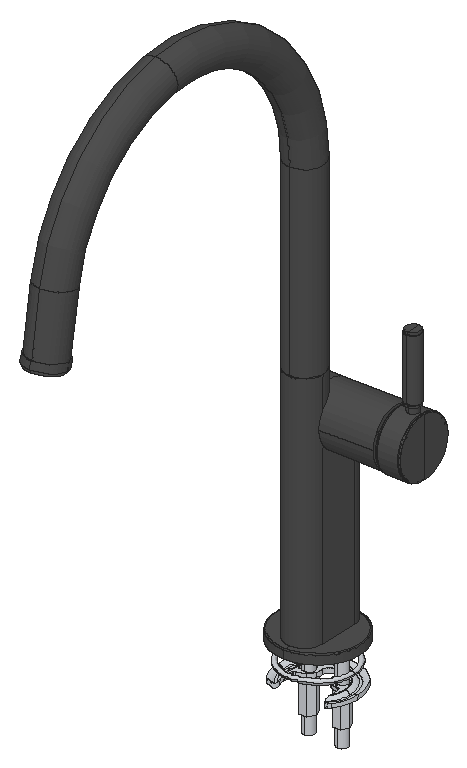
Revit family "Reece_Tap_Milli_Etch_Sink Mixer_Gooseneck", category Plumbing Fixtures, host Face, Revit 2018
Family settings
  Host = Face
  Round Connector Dimension = Use Diameter
  Part Type = Normal
  Cut with Voids When Loaded = No
  Shared = Yes
  Room Calculation Point = Yes
Parameters (values of type "200 mm_Matte Black")
  WFU = 0  # constant formula
  URL = "https://www.reece.com.au/product/-21883"
  Type Comments = "Tap"
  Reece_Tap_Reach = 208 mm  # constant formula
  Reece_Tap_Inlet = 12 mm  # constant formula
  Reece_Tap_Clearance = 252 mm  # constant formula
  Reece_Product_Web Page = "https://www.reece.com.au/product/-21883"
  Reece_Product_Type = "Tap"
  Reece_Product_Sub Brand = "Etch"
  Reece_Product_Number = "21883"
  Reece_Product_Mount = "Hob Mounted"
  Reece_Product_Description = "Milli Etch Gooseneck Sink Mixer Matte Black (5 Star) Lead Free"
  Reece_Product_Brand = "Milli"
  Reece_Overall_Length = 258 mm  # constant formula
  Reece_Overall_Height = 393 mm  # constant formula
  Reece_Material_Secondary = Reece_Brass_Matte Black_Knurl Pattern
  Reece_Material_Main = Reece_Brass_Matte Black
  Reece_Detail_Installation = ""
  Reece_Detail_Disclaimer = "THIS FILE IS THE PROPERTY OF THE REECE GROUP. IT MAY NOT BE REPRODUCED, REVERSE-ENGINEERED, OR MODIFIED. ANY REPUBLICATION, TRANSMISSION, OR DISTRIBUTION FOR THE PURPOSE OF COMMERCIALLY EXPLOITING THE FILES IS PROHIBITED."  # constant formula
  Reece_Detail_Connector = ""
  Reece_Detail_Additional = "Sink Mixer"
  Model = "Etch"
  Manufacturer = "Milli"
  Keynote = "Product #21883, Reece_Tap_Milli_Etch_Sink Mixer_Gooseneck - 200 mm_Matte Black"
  HWFU = 0  # constant formula
  Disclaimer = "THIS FILE IS THE PROPERTY OF THE REECE GROUP. IT MAY NOT BE REPRODUCED, REVERSE-ENGINEERED, OR MODIFIED. ANY REPUBLICATION, TRANSMISSION, OR DISTRIBUTION FOR THE PURPOSE OF COMMERCIALLY EXPLOITING THE FILES IS PROHIBITED."  # constant formula
  Description = "Milli Etch Gooseneck Sink Mixer Matte Black (5 Star) Lead Free"
  Default Elevation = 1000 mm
  CWFU = 0  # constant formula
Types (6, lengths in mm): name | URL | Reece_Product_Web Page | Reece_Product_Number | Reece_Product_Description | Reece_Material_Secondary | Reece_Material_Main | Keynote | Description
  200 mm_Chrome | "https://www.reece.com.au/product/-21882" | "https://www.reece.com.au/product/-21882" | "21882" | "Milli Etch Gooseneck Sink Mixer Chrome ( 5 Star) Lead Free" | Reece_Brass_Chrome_Knurl Pattern | Reece_Brass_Chrome | "Product #21882, Reece_Tap_Milli_Etch_Sink Mixer_Gooseneck - 200 mm_Chrome" | "Milli Etch Gooseneck Sink Mixer Chrome ( 5 Star) Lead Free"
  200 mm_Brushed Bronze | "https://www.reece.com.au/product/-21887" | "https://www.reece.com.au/product/-21887" | "21887" | "Milli Etch Gooseneck Sink Mixer Brushed Bronze (5 Star) Lead Free" | Reece_PVD_Brushed Bronze_Knurl Pattern | Reece_PVD_Brushed Bronze | "Product #21887, Reece_Tap_Milli_Etch_Sink Mixer_Gooseneck - 200 mm_Brushed Bronze" | "Milli Etch Gooseneck Sink Mixer Brushed Bronze (5 Star) Lead Free"
  200 mm_Matte Black | "https://www.reece.com.au/product/-21883" | "https://www.reece.com.au/product/-21883" | "21883" | "Milli Etch Gooseneck Sink Mixer Matte Black (5 Star) Lead Free" | Reece_Brass_Matte Black_Knurl Pattern | Reece_Brass_Matte Black | "Product #21883, Reece_Tap_Milli_Etch_Sink Mixer_Gooseneck - 200 mm_Matte Black" | "Milli Etch Gooseneck Sink Mixer Matte Black (5 Star) Lead Free"
  200 mm_Brushed Gold | "https://www.reece.com.au/product/-21885" | "https://www.reece.com.au/product/-21885" | "21885" | "Milli Etch Gooseneck Sink Mixer Brushed Gold (5 Star) Lead Free" | Reece_PVD_Brushed Gold_Knurl Pattern | Reece_PVD_Brushed Gold | "Product #21885, Reece_Tap_Milli_Etch_Sink Mixer_Gooseneck - 200 mm_Brushed Gold" | "Milli Etch Gooseneck Sink Mixer Brushed Gold (5 Star) Lead Free"
  200 mm_Brushed Gunmetal | "https://www.reece.com.au/product/-21886" | "https://www.reece.com.au/product/-21886" | "21886" | "Milli Etch Gooseneck Sink Mixer Brushed Gunmetal (5 Star) Lead Free" | Reece_Brass_Brushed Gunmetal_Knurl Pattern | Reece_Brass_Brushed Gunmetal | "Product #21886, Reece_Tap_Milli_Etch_Sink Mixer_Gooseneck - 200 mm_Brushed Gunmetal" | "Milli Etch Gooseneck Sink Mixer Brushed Gunmetal (5 Star) Lead Free"
  200 mm_Brushed Nickel | "https://www.reece.com.au/product/-21884" | "https://www.reece.com.au/product/-21884" | "21884" | "Milli Etch Gooseneck Sink Mixer Brushed Nickel (5 Star) Lead Free" | Reece_Brass_Brushed Nickel_Knurl Pattern | Reece_Brass_Brushed Nickel | "Product #21884, Reece_Tap_Milli_Etch_Sink Mixer_Gooseneck - 200 mm_Brushed Nickel" | "Milli Etch Gooseneck Sink Mixer Brushed Nickel (5 Star) Lead Free"
Reference planes
  plane 1 "Center (Front/Back)": y = 0
  plane 2 "Bottom": z = 0
  plane 3 "Center (Left/Right)": x = 0
  plane 4: y = -27
  plane 5: z = 160.5
  plane 6: z = 130.5
  plane 7: z = 149
  plane 8: y = -10.749
  plane 9: x = 64.6
  plane 10 "midx": y = 4.25
  plane 11: z = 196.5
  plane 12: y = 27
  plane 13: z = 393
  plane 14: z = 252
  plane 15: y = -218.749
  plane 16: y = -231
Forms (mm)
  Extrusion 1, solid
    sketch origin (0, 0, 0) x (0, 1, 0) y (1, 0, 0)
      loop
        circle (6, 10.743) r 3.5
      loop
        circle (6, -10.743) r 3.5
    from 60 to 0
  Revolve 2, solid
    sketch origin (0, 0, -7.5) x (1, 0, 0) y (0, 0, 1)
      loop
        arc (-17.127, -16) -> (-19.041, -16.417) -> (-20.607, -17.592) r 4.6
        arc (-20.607, -17.592) -> (-21.5, -18) -> (-22.393, -17.592) r 1.18
        arc (-22.393, -17.592) -> (-23.926, -16.432) -> (-25.8, -16.001) r 4.6
        line (-25.8, -16.001) -> (-25.8, -18.5) -> (-24.2, -18.5)
        arc (-24.2, -18.5) -> (-21.5, -20) -> (-18.8, -18.5) r 3.18
        line (-18.8, -18.5) -> (-17.2, -18.5) -> (-17.2, -16.001)
      axis (0, -16) -> (0, -18.5)
    angle from 0 to 360
  Extrusion 3, void
    sketch origin (0, 0, -26) x (1, 0, 0) y (0, 1, 0)
      loop
        line (-15, -8.4) -> (-15, -11.9)
        arc (-15, -11.9) -> (-17.056, -15.277) -> (-21, -15) r 3.801
        line (-21, -15) -> (-27.6, -15) -> (-27.6, -34.6) -> (0, -34.6) -> (27.6, -34.6) -> (27.6, -15) -> (21, -15)
        arc (21, -15) -> (17.056, -15.277) -> (15, -11.9) r 3.801
        line (15, -11.9) -> (15, -8.4) -> (-15, -8.4)
    from 8.9 to -9.664
  Extrusion 4, solid
    sketch origin (0, 0, 0) x (1, 0, 0) y (0, 1, 0)
      loop
        circle (-10.743, 6) r 3.5
      loop
        line (-5.543, 6) -> (-8.143, 10.503) -> (-13.343, 10.503) -> (-15.943, 6) -> (-13.343, 1.497) -> (-8.143, 1.497) -> (-5.543, 6)
      loop
        circle (10.743, 6) r 3.5
      loop
        line (15.943, 6) -> (13.343, 10.503) -> (8.143, 10.503) -> (5.543, 6) -> (8.143, 1.497) -> (13.343, 1.497) -> (15.943, 6)
    from -48.5 to -26
  Extrusion 5, solid
    sketch origin (0.009, 0, 0) x (1, 0, 0) y (0, 1, 0)
      loop
        arc (-17.2, 0) -> (-16.643, -4.34) -> (-15.009, -8.4) r 17.2
        line (-15.009, -8.4) -> (-15.009, -2.598)
        arc (-15.009, -2.598) -> (-14.617, -1.409) -> (-13.595, -0.686) r 2
        line (-13.595, -0.686) -> (-6.814, 3.229)
        arc (-6.814, 3.229) -> (-4.792, 5.425) -> (-4.382, 8.382) r 5
        arc (-4.382, 8.382) -> (0, 13.556) -> (4.382, 8.382) r 4.443
        arc (4.382, 8.382) -> (4.792, 5.425) -> (6.814, 3.229) r 5
        line (6.814, 3.229) -> (13.595, -0.686)
        arc (13.595, -0.686) -> (14.617, -1.409) -> (15.009, -2.598) r 2
        line (15.009, -2.598) -> (15.009, -8.4)
        arc (15.009, -8.4) -> (16.643, -4.34) -> (17.2, 0) r 17.2
        arc (17.2, 0) -> (0, 17.2) -> (-17.2, 0) r 17.2
      loop
        line (-12.14, 9.204) -> (-13.722, 8.291)
        arc (-13.722, 8.291) -> (-15.003, 3.51) -> (-10.222, 2.229) r 3.5
        line (-10.222, 2.229) -> (-8.64, 3.142)
        arc (-8.64, 3.142) -> (-7.359, 7.923) -> (-12.14, 9.204) r 3.5
      loop
        arc (12.14, 9.204) -> (7.359, 7.923) -> (8.64, 3.142) r 3.5
        line (8.64, 3.142) -> (10.222, 2.229)
        arc (10.222, 2.229) -> (15.003, 3.51) -> (13.722, 8.291) r 3.5
        line (13.722, 8.291) -> (12.14, 9.204)
    from -23.5 to -26
  Revolve 6, solid
    sketch origin (0, 0, 0) x (1, 0, 0) y (0, 0, 1)
      loop
        circle (-22, -12.598) r 1.3
      axis (0, -12.598) -> (0, -13.598)
    angle from 0 to 360
  Extrusion 7, void
    sketch origin (0, 0, 0) x (1, 0, 0) y (0, 1, 0)
      loop
        circle (-10.743, 6) r 3.5
      loop
        circle (10.743, 6) r 3.5
      loop
        circle (7.191, -5.721) r 6.7
      loop
        circle (-7.191, -5.721) r 6.7
    from 4.469 to 0
  Extrusion 8, solid
    sketch origin (0, 0, -26) x (0, 1, 0) y (1, 0, 0)
      loop
        arc (-8.417, -15) -> (17.2, 0) -> (-8.417, 15) r 17.2
        line (-8.417, 15) -> (-2.83, 15)
        arc (-2.83, 15) -> (-1.68, 14.638) -> (-0.946, 13.681) r 2.004
        line (-0.946, 13.681) -> (1.021, 8.277)
        arc (1.021, 8.277) -> (2.606, 6.074) -> (5.11, 5.025) r 5
        line (5.11, 5.025) -> (9.672, 4.465)
        arc (9.672, 4.465) -> (13.622, 0) -> (9.672, -4.465) r 4.498
        line (9.672, -4.465) -> (5.11, -5.025)
        arc (5.11, -5.025) -> (2.606, -6.074) -> (1.021, -8.277) r 5
        line (1.021, -8.277) -> (-1.001, -13.832)
        arc (-1.001, -13.832) -> (-1.44, -14.535) -> (-2.127, -15) r 2
        line (-2.127, -15) -> (-8.417, -15)
      loop
        line (2.677, -9.644) -> (2.335, -10.584)
        arc (2.335, -10.584) -> (4.512, -14.989) -> (8.948, -12.876) r 3.5
        line (8.948, -12.876) -> (9.523, -11.293)
        arc (9.523, -11.293) -> (7.565, -6.747) -> (3.019, -8.704) r 3.5
        line (3.019, -8.704) -> (2.677, -9.644)
      loop
        line (2.677, 9.644) -> (3.019, 8.704)
        arc (3.019, 8.704) -> (7.565, 6.747) -> (9.523, 11.293) r 3.5
        line (9.523, 11.293) -> (8.948, 12.876)
        arc (8.948, 12.876) -> (4.512, 14.989) -> (2.335, 10.584) r 3.5
        line (2.335, 10.584) -> (2.677, 9.644)
    from 0 to -2.5
  Extrusion 9, void
    sketch origin (0, 0, 0) x (1, 0, 0) y (0, 1, 0)
      loop
        circle (0, 0) r 23.583
    from 0 to -80
  Revolve 10, solid, material "Reece_Brass_Matte Black" <- "Reece_Material_Main"
    sketch origin (0, 0, 0) x (0, 1, 0) y (0, 0, 1)
      loop
        line (0, 0) -> (27, 0) -> (27, 5.5)
        arc (27, 5.5) -> (26.854, 5.854) -> (26.5, 6) r 0.5
        line (26.5, 6) -> (0, 6) -> (0, 0)
      axis (0, 6) -> (0, 0)
    angle from 0 to 360
  Extrusion 11, solid, material "Reece_Brass_Matte Black" <- "Reece_Material_Main"
    sketch origin (0, 0, 0) x (1, 0, 0) y (0, 1, 0)
      loop
        circle (0, -10.75) r 12
    from 6 to 160.5
  Sweep 12, solid, material "Reece_Brass_Matte Black" <- "Reece_Material_Main"
    path origin (0, 0, 0) x (0, 1, 0) y (0, 0, 1)
      loop
        line (22.75, 6) -> (22.75, 130.5)
        arc (22.75, 130.5) -> (17.331, 143.581) -> (4.25, 149) r 18.5
        line (4.25, 149) -> (-10.749, 149)
    profile origin (0, 22.75, 68.25) x (0, -1, 0) y (1, 0, 0)
      loop
        line (8, -12) -> (8, 12)
        arc (8, 12) -> (2.343, 9.657) -> (0, 4) r 8
        line (0, 4) -> (0, -4)
        arc (0, -4) -> (2.343, -9.657) -> (8, -12) r 8
  Extrusion 13, solid, material "Reece_Brass_Matte Black" <- "Reece_Material_Main"
    sketch origin (0, 0, 0) x (0, 1, 0) y (0, 0, 1)
      loop
        circle (4.25, 130.5) r 18.5
    from 0 to 47
  Extrusion 14, solid, material "Reece_Brass_Matte Black" <- "Reece_Material_Main"
    sketch origin (0, 0, 0) x (0, 1, 0) y (0, 0, 1)
      loop
        arc (14.75, 130.5) -> (11.675, 137.925) -> (4.25, 141) r 10.5
        line (4.25, 141) -> (-10.749, 141) -> (-10.749, 6) -> (14.75, 6) -> (14.75, 130.5)
    from 12 to -12
  Revolve 15, solid, material "Reece_Brass_Matte Black" <- "Reece_Material_Main"
    sketch origin (0, 4.25, 0) x (-1, 0, 0) y (0, 0, 1)
      loop
        line (-48.279, 146.743) -> (-48.9, 145.667) -> (-48.9, 149.25) -> (-49.5, 149.75) -> (-49.5, 146.75) -> (-63.2, 146.75) -> (-63.2, 149.75) -> (-63.8, 149.25) -> (-64.6, 149.25) -> (-64.6, 130.5) -> (-47, 130.5) -> (-47, 146.743) -> (-48.279, 146.743)
      axis (-47, 130.5) -> (-64.6, 130.5)
    angle from 0 to 360
  Revolve 16, solid, material "Reece_Brass_Matte Black_Knurl Pattern" <- "Reece_Material_Secondary"
    sketch origin (0, 4.25, 0) x (-1, 0, 0) y (0, 0, 1)
      loop
        line (-63.2, 130.5) -> (-49.5, 130.5) -> (-49.5, 149.75) -> (-63.2, 149.75) -> (-63.2, 130.5)
      axis (-49.5, 130.5) -> (-63.2, 130.5)
    angle from 0 to 360
  Sweep 17, solid, material "Reece_Brass_Matte Black" <- "Reece_Material_Main"
    path origin (0, 0, 0) x (0, 1, 0) y (0, 0, 1)
      loop
        line (-10.75, 160.5) -> (-10.75, 281)
        arc (-10.75, 281) -> (-46.346, 357.499) -> (-127.791, 379.537) r 100
        arc (-127.791, 379.537) -> (-182.416, 351.272) -> (-210.86, 296.741) r 102
        line (-210.86, 296.741) -> (-218.749, 252)
    profile origin (0, -10.75, 220.75) x (0, -1, 0) y (1, 0, 0)
      loop
        circle (0, 0) r 12
  Revolve 18, void
    sketch origin (0, 0, 0) x (0, 1, 0) y (0, 0, 1)
      loop
        line (-22.503, 160.5) -> (-22.503, 161.3) -> (-23.503, 161.3) -> (-23.503, 160.5) -> (-22.503, 160.5)
      axis (-10.749, 161.3) -> (-10.749, 160.3)
    angle from 0 to 360
  Revolve 19, solid, material "Reece_Brass_Matte Black_Knurl Pattern" <- "Reece_Material_Secondary"
    sketch origin (0, -70.125, 223.089) x (0, 0.939693, 0.34202) y (0, -0.34202, 0.939693)
      loop
        line (-139.946, 85.871) -> (-128.97, 79.352) -> (-126.417, 83.65) -> (-137.393, 90.169) -> (-139.946, 85.871)
      axis (-128.97, 79.352) -> (-126.417, 83.65)
    angle from 0 to 360
  Revolve 20, solid, material "Reece_Brass_Matte Black" <- "Reece_Material_Main"
    sketch origin (0, -91.738, 215.222) x (0, 0.939693, 0.34202) y (0, -0.34202, 0.939693)
      loop
        line (-99.434, 73.763) -> (-98.708, 75.019) -> (-106.047, 79.257) -> (-107.446, 76.834)
        arc (-107.446, 76.834) -> (-104.275, 75.395) -> (-100.884, 74.6) r 17.839
        line (-100.884, 74.6) -> (-99.434, 73.763)
      axis (-106.047, 79.257) -> (-107.446, 76.834)
    angle from 0 to 360
  Extrusion 21, void
    sketch origin (0, -91.738, 215.222) x (0, 0.939693, 0.34202) y (0, -0.34202, 0.939693)
      loop
        line (-105.907, 77.5) -> (-107.639, 78.5) -> (-109.528, 75.227) -> (-107.796, 74.227) -> (-105.907, 77.5)
    from 20 to -20.015
  Revolve 22, solid, material "Reece_Brass_Matte Black" <- "Reece_Material_Main"
    sketch origin (57.6, -148.75, 129.527) x (0, 0, -1) y (0, 1, 0)
      loop
        line (-0.973, 153) -> (-25.673, 153) -> (-25.673, 148) -> (-25.073, 148.5) -> (-23.873, 148.5) -> (-23.873, 149.476) -> (-0.973, 149.476) -> (-0.973, 153)
      loop
        line (-65.173, 153) -> (-66.973, 153) -> (-66.973, 148.5) -> (-65.773, 148.5) -> (-65.173, 148) -> (-65.173, 153)
      axis (-0.973, 153) -> (-66.973, 153)
    angle from 0 to 360
  Revolve 23, solid, material "Reece_Brass_Matte Black_Knurl Pattern" <- "Reece_Material_Secondary"
    sketch origin (57.6, -148.75, 129.527) x (0, 0, -1) y (0, 1, 0)
      loop
        line (-65.173, 153) -> (-25.673, 153) -> (-25.673, 158.027) -> (-65.173, 158.027) -> (-65.173, 153)
      axis (-25.673, 153) -> (-65.173, 153)
    angle from 0 to 360
Cuts and joins
  Extrusion 3 cuts Revolve 2
  Extrusion 7 cuts Extrusion 1
  Extrusion 7 cuts Revolve 10
  Revolve 18, Extrusion 21 cuts Sweep 17
  Extrusion 21 cuts Revolve 20
  joined: Revolve 10, Extrusion 11, Sweep 12, Extrusion 13, Extrusion 14, Revolve 15, Sweep 17, Revolve 20, Revolve 22
  joined: Revolve 16, Revolve 23
Text (mm)
  text "Reece ©" at (-376.789, -229.394, 0), in view "Ref. Level"
  text "Reece ©" at (-60.132, 252.158, 290.069), in view "Reece Preview"
Dimensions and locks
  "Reece_Overall_Height": plane 13 to level
  "Reece_Tap_Clearance": plane 14 to level
  "Reece_Tap_Reach": plane 8 to plane 15
  "Reece_Overall_Length": plane 12 to plane 16
  aligned and locked: plane 2 "Bottom" to host face
  aligned and locked: level to host face
Automatic sketch dimensions
  host sketch curve to host sketch curve = 380.785 mm
  host sketch curve to host sketch curve = 317.421 mm
  plane 10 "midx" to Extrusion 1 sketch curve = 1.75 mm  (x2)
  plane 3 "Center (Left/Right)" to Extrusion 1 sketch curve = 10.743 mm
  Extrusion 1 sketch curve to plane 3 "Center (Left/Right)" = 10.743 mm
  Revolve 2 sketch curve to Revolve 2 sketch curve = 0 mm  (x4)
  Revolve 2 sketch curve to plane 3 "Center (Left/Right)" = 0 mm
  Revolve 2 sketch curve to plane 3 "Center (Left/Right)" = 17.127 mm
  Revolve 2 sketch curve to Revolve 2 sketch curve = 0.073 mm  (x2)
  Revolve 2 sketch curve to Revolve 2 sketch curve = 1.6 mm  (x2)
  Revolve 2 sketch curve to Revolve 2 sketch curve = 2.7 mm  (x2)
  Revolve 2 sketch curve to level = 28.1 mm
  Revolve 2 sketch curve to Revolve 2 sketch curve = 2.1 mm
  Revolve 2 sketch curve to Revolve 2 sketch curve = 1.68 mm
  Revolve 2 sketch curve to Revolve 2 sketch curve = 2.499 mm
  Revolve 2 sketch curve to Revolve 2 sketch curve = 0.893 mm
  Revolve 2 sketch curve to Revolve 2 sketch curve = 0.4 mm
  Revolve 2 sketch curve to Revolve 2 sketch curve = 5 mm
  Extrusion 3 sketch curve to Revolve 2 = 34.6 mm
  Extrusion 3 sketch curve to Extrusion 3 sketch curve = 6.6 mm  (x4)
  Extrusion 3 sketch curve to Extrusion 3 sketch curve = 2.199 mm  (x2)
  Extrusion 3 sketch curve to Extrusion 3 sketch curve = 3.801 mm  (x2)
  Extrusion 3 sketch curve to Extrusion 3 sketch curve = 15 mm
  Extrusion 3 sketch curve to Revolve 2 = 8.4 mm
  Extrusion 3 sketch curve to Extrusion 3 sketch curve = 30 mm
  Extrusion 4 sketch curve to Extrusion 4 sketch curve = 0 mm  (x4)
  plane 10 "midx" to Extrusion 4 sketch curve = 1.75 mm  (x6)
  Extrusion 4 sketch curve to plane 3 "Center (Left/Right)" = 15.943 mm
  Extrusion 4 sketch curve to Extrusion 4 sketch curve = 2.6 mm  (x12)
  Extrusion 4 sketch curve to plane 1 "Center (Front/Back)" = 1.497 mm  (x2)
  plane 3 "Center (Left/Right)" to Extrusion 4 sketch curve = 5.543 mm
  plane 10 "midx" to Extrusion 4 sketch curve = 6.253 mm
  Extrusion 4 sketch curve to Extrusion 4 sketch curve = 4.503 mm
  Extrusion 4 sketch curve to plane 10 "midx" = 1.75 mm  (x2)
  Extrusion 5 sketch curve to Extrusion 5 sketch curve = 0 mm  (x7)
  plane 1 "Center (Front/Back)" to Extrusion 5 sketch curve = 0 mm
  plane 1 "Center (Front/Back)" to Extrusion 5 sketch curve = 2.598 mm  (x2)
  Extrusion 5 sketch curve to plane 3 "Center (Left/Right)" = 15 mm
  plane 10 "midx" to Extrusion 5 sketch curve = 4.041 mm  (x2)
  Extrusion 5 sketch curve to Extrusion 5 sketch curve = 1.288 mm
  plane 1 "Center (Front/Back)" to Extrusion 5 sketch curve = 0.686 mm  (x2)
  Extrusion 5 sketch curve to Extrusion 5 sketch curve = 1.414 mm
  plane 10 "midx" to Extrusion 5 sketch curve = 4.954 mm  (x2)
  Extrusion 5 sketch curve to Extrusion 5 sketch curve = 1.582 mm  (x6)
  plane 10 "midx" to Extrusion 5 sketch curve = 1.01 mm
  Extrusion 5 sketch curve to Extrusion 5 sketch curve = 1.75 mm
  Extrusion 5 sketch curve to plane 10 "midx" = 2.021 mm  (x2)
  Extrusion 5 sketch curve to Extrusion 5 sketch curve = 1.076 mm  (x2)
  Extrusion 5 sketch curve to plane 10 "midx" = 1.108 mm  (x2)
  Extrusion 5 sketch curve to plane 10 "midx" = 1.021 mm  (x2)
  Extrusion 5 sketch curve to Extrusion 5 sketch curve = 1.826 mm  (x2)
  plane 3 "Center (Left/Right)" to Extrusion 5 sketch curve = 0.009 mm  (x2)
  plane 3 "Center (Left/Right)" to Extrusion 5 sketch curve = 6.823 mm
  Extrusion 5 sketch curve to Extrusion 5 sketch curve = 0.674 mm
  Extrusion 5 sketch curve to Extrusion 5 sketch curve = 2.826 mm
  Extrusion 5 sketch curve to Extrusion 5 sketch curve = 2.788 mm
  Extrusion 5 sketch curve to Extrusion 5 sketch curve = 0.586 mm
  Extrusion 5 sketch curve to plane 8 = 2.349 mm
  Extrusion 5 sketch curve to Extrusion 5 sketch curve = 1.386 mm  (x2)
  plane 10 "midx" to Extrusion 5 sketch curve = 4.864 mm
  plane 3 "Center (Left/Right)" to Revolve 6 sketch curve = 0 mm
  Revolve 6 sketch curve to plane 3 "Center (Left/Right)" = 22 mm
  Revolve 6 sketch curve to level = 12.598 mm
  Revolve 6 sketch curve to Revolve 6 sketch curve = 440.332 mm
  plane 13 to Revolve 6 sketch curve = 2052.244 mm
  Extrusion 7 sketch curve to Extrusion 7 sketch curve = 0 mm  (x4)
  plane 10 "midx" to Extrusion 7 sketch curve = 1.75 mm  (x2)
  Extrusion 7 sketch curve to plane 3 "Center (Left/Right)" = 10.743 mm
  Extrusion 7 sketch curve to plane 3 "Center (Left/Right)" = 7.191 mm
  plane 3 "Center (Left/Right)" to Extrusion 7 sketch curve = 7.191 mm
  plane 3 "Center (Left/Right)" to Extrusion 7 sketch curve = 10.743 mm
  Extrusion 7 sketch curve to plane 8 = 5.027 mm  (x2)
  Extrusion 7 sketch curve to plane 10 "midx" = 1.75 mm  (x2)
  Extrusion 8 sketch curve to Revolve 2 = 0.946 mm
  Extrusion 8 sketch curve to Revolve 2 = 1.001 mm
  Extrusion 8 sketch curve to Extrusion 8 sketch curve = 1.125 mm
  Extrusion 8 sketch curve to Extrusion 8 sketch curve = 1.884 mm
  Extrusion 8 sketch curve to Extrusion 8 sketch curve = 0.754 mm
  Extrusion 8 sketch curve to Extrusion 8 sketch curve = 5.587 mm
  Extrusion 8 sketch curve to Extrusion 8 sketch curve = 5.536 mm
  Revolve 2 to Extrusion 8 sketch curve = 1.021 mm  (x2)
  Revolve 2 to Extrusion 8 sketch curve = 2.335 mm  (x2)
  Extrusion 8 sketch curve to Extrusion 8 sketch curve = 0.342 mm  (x4)
  Extrusion 8 sketch curve to Extrusion 8 sketch curve = 2.091 mm  (x2)
  Extrusion 8 sketch curve to Extrusion 8 sketch curve = 3.323 mm  (x2)
  Extrusion 8 sketch curve to Extrusion 8 sketch curve = 0.061 mm  (x2)
  Extrusion 8 sketch curve to Extrusion 8 sketch curve = 0.552 mm  (x2)
  Extrusion 8 sketch curve to Extrusion 8 sketch curve = 3.29 mm  (x2)
  Extrusion 8 sketch curve to Extrusion 8 sketch curve = 4.014 mm
  Extrusion 8 sketch curve to Extrusion 8 sketch curve = 0.575 mm  (x2)
  Extrusion 8 sketch curve to Extrusion 8 sketch curve = 0.548 mm  (x2)
  Extrusion 8 sketch curve to Extrusion 8 sketch curve = 1.319 mm
  Extrusion 8 sketch curve to Extrusion 8 sketch curve = 0.805 mm
  Extrusion 8 sketch curve to Extrusion 8 sketch curve = 1.194 mm
  Extrusion 8 sketch curve to Extrusion 8 sketch curve = 1.583 mm
  Extrusion 8 sketch curve to Extrusion 8 sketch curve = 1.683 mm
  Extrusion 8 sketch curve to Extrusion 8 sketch curve = 0.011 mm  (x2)
  Extrusion 8 sketch curve to Extrusion 8 sketch curve = 0.94 mm  (x3)
  Extrusion 8 sketch curve to Extrusion 8 sketch curve = 0.427 mm  (x2)
  Extrusion 8 sketch curve to Extrusion 8 sketch curve = 0.56 mm  (x2)
  Extrusion 8 sketch curve to Extrusion 8 sketch curve = 4.465 mm
  Extrusion 8 sketch curve to Extrusion 8 sketch curve = 3.253 mm
  Extrusion 8 sketch curve to Extrusion 8 sketch curve = 1.695 mm
  Extrusion 8 sketch curve to Extrusion 8 sketch curve = 1.852 mm
  plane 1 "Center (Front/Back)" to Extrusion 9 sketch curve = 0 mm
  Extrusion 9 sketch curve to plane 3 "Center (Left/Right)" = 0 mm
  level to Revolve 10 sketch curve = 0 mm
  Revolve 10 sketch curve to plane 1 "Center (Front/Back)" = 0 mm  (x2)
  Revolve 10 sketch curve to plane 12 = 0 mm
  Revolve 10 sketch curve to Revolve 10 sketch curve = 0.5 mm
  Revolve 10 sketch curve to Revolve 10 sketch curve = 5.5 mm
  Revolve 10 sketch curve to level = 43.855 mm
  Revolve 10 sketch curve to Revolve 10 sketch curve = 23.239 mm
  Extrusion 11 sketch curve to plane 3 "Center (Left/Right)" = 0 mm
  plane 8 to Extrusion 11 sketch curve = 0.001 mm
  Sweep 12 sketch curve to plane 7 = 0 mm
  Sweep 12 sketch curve to plane 8 = 0 mm
  Sweep 12 sketch curve to plane 6 = 0 mm
  Sweep 12 sketch curve to plane 10 "midx" = 0 mm
  level to Sweep 12 sketch curve = 6 mm
  Sweep 12 sketch curve to profile plane = 0 mm
  Sweep 12 sketch curve to profile plane = 8 mm
  Sweep 12 sketch curve to plane 3 "Center (Left/Right)" = 12 mm
  plane 3 "Center (Left/Right)" to Sweep 12 sketch curve = 4 mm
  Extrusion 13 sketch curve to plane 6 = 0 mm
  Extrusion 13 sketch curve to plane 10 "midx" = 0 mm
  Extrusion 14 sketch curve to plane 8 = 0 mm
  Extrusion 14 sketch curve to plane 10 "midx" = 0 mm
  Extrusion 14 sketch curve to plane 6 = 0 mm
  plane 10 "midx" to Extrusion 14 sketch curve = 10.5 mm
  level to Extrusion 14 sketch curve = 6 mm
  Revolve 16 sketch curve to plane 6 = 0 mm  (x2)
  Revolve 16 sketch curve to plane 9 = 1.4 mm
  Revolve 16 sketch curve to Revolve 16 sketch curve = 13.7 mm
  plane 7 to Revolve 16 sketch curve = 0.75 mm
  plane 9 to Revolve 16 sketch curve = 8.771 mm
  Revolve 16 sketch curve to Revolve 16 sketch curve = 8.017 mm
  Sweep 17 sketch curve to plane 14 = 0 mm
  Sweep 17 sketch curve to plane 15 = 0 mm
  Sweep 17 sketch curve to plane 5 = 0 mm
  Sweep 17 sketch curve to plane 15 = 7.889 mm
  plane 14 to Sweep 17 sketch curve = 29 mm
  Sweep 17 sketch curve to plane 4 = 83.75 mm
  Sweep 17 sketch curve to Sweep 17 sketch curve = 0.341 mm
  plane 8 to Sweep 17 sketch curve = 0.001 mm
  Sweep 17 sketch curve to Sweep 17 sketch curve = 1.971 mm
  plane 14 to Sweep 17 sketch curve = 44.741 mm
  Sweep 17 sketch curve to plane 3 "Center (Left/Right)" = 0 mm
  Sweep 17 sketch curve to profile plane = 0 mm
  Revolve 18 sketch curve to plane 5 = 0 mm
  Revolve 18 sketch curve to plane 8 = 0 mm
  plane 5 to Revolve 18 sketch curve = 0.8 mm
  plane 4 to Revolve 18 sketch curve = 4.497 mm
  Revolve 18 sketch curve to Revolve 18 sketch curve = 1 mm
  plane 5 to Revolve 18 sketch curve = 15.309 mm
  Revolve 18 sketch curve to plane 11 = 0.691 mm
  Revolve 20 sketch curve to plane 14 = 0 mm
  Revolve 20 sketch curve to plane 15 = 0 mm
  Revolve 20 sketch curve to Revolve 20 sketch curve = 0.673 mm
  Revolve 20 sketch curve to Revolve 20 sketch curve = 0.726 mm  (x2)
  Revolve 20 sketch curve to Revolve 20 sketch curve = 5.889 mm
  Revolve 20 sketch curve to Revolve 20 sketch curve = 1.45 mm
  Revolve 20 sketch curve to Revolve 20 sketch curve = 7.521 mm
  Revolve 20 sketch curve to Revolve 20 sketch curve = 1.166 mm
  Revolve 20 sketch curve to Revolve 20 sketch curve = 2.981 mm
  Revolve 20 sketch curve to Revolve 20 sketch curve = 1.265 mm
  Revolve 20 sketch curve to Revolve 20 sketch curve = 2.191 mm
  plane 15 to Extrusion 21 sketch curve = 1.641 mm
  Extrusion 21 sketch curve to plane 14 = 3.548 mm
  Extrusion 21 sketch curve to Extrusion 21 sketch curve = 1.732 mm
  Extrusion 21 sketch curve to Extrusion 21 sketch curve = 1.89 mm
  Extrusion 21 sketch curve to Extrusion 21 sketch curve = 1 mm
  Revolve 19 sketch curve to plane 16 = 0 mm
  Revolve 19 sketch curve to plane 15 = 0.292 mm
  plane 14 to Revolve 19 sketch curve = 1.545 mm
  Revolve 19 sketch curve to Revolve 19 sketch curve = 2.553 mm  (x2)
  Revolve 19 sketch curve to Revolve 19 sketch curve = 0.855 mm
  Revolve 19 sketch curve to Revolve 19 sketch curve = 0.051 mm
  Revolve 19 sketch curve to Revolve 19 sketch curve = 1.439 mm
  Revolve 19 sketch curve to Revolve 19 sketch curve = 0.086 mm
  Revolve 22 sketch curve to plane 10 "midx" = 0 mm  (x3)
  Revolve 22 sketch curve to plane 11 = 0 mm
  Revolve 22 sketch curve to plane 6 = 0 mm
  plane 1 "Center (Front/Back)" to Revolve 22 sketch curve = 0.25 mm  (x2)
  Revolve 22 sketch curve to Revolve 22 sketch curve = 1.2 mm  (x2)
  plane 1 "Center (Front/Back)" to Revolve 22 sketch curve = 0.75 mm  (x2)
  Revolve 22 sketch curve to Revolve 22 sketch curve = 0.6 mm  (x2)
  Revolve 22 sketch curve to plane 1 "Center (Front/Back)" = 0.726 mm
  plane 13 to Revolve 22 sketch curve = 1335.588 mm
  Revolve 22 sketch curve to level = 1589.488 mm
  Revolve 23 sketch curve to plane 10 "midx" = 0 mm  (x2)
  Revolve 23 sketch curve to plane 11 = 1.8 mm
  Revolve 23 sketch curve to Revolve 23 sketch curve = 5.027 mm
  plane 13 to Revolve 23 sketch curve = 1335.588 mm
  Revolve 23 sketch curve to level = 1589.488 mm
  Revolve 22 sketch curve to plane 5 = 5.3 mm
  Revolve 23 sketch curve to plane 5 = 5.3 mm
  Revolve 15 sketch curve to plane 6 = 0 mm  (x2)
  Revolve 15 sketch curve to plane 9 = 0 mm
  Revolve 15 sketch curve to Revolve 15 sketch curve = 0.6 mm  (x2)
  plane 7 to Revolve 15 sketch curve = 0.25 mm  (x2)
  Revolve 15 sketch curve to Revolve 15 sketch curve = 14.3 mm
  Revolve 15 sketch curve to Revolve 15 sketch curve = 0.621 mm
  Revolve 15 sketch curve to Revolve 15 sketch curve = 1.279 mm
  Revolve 15 sketch curve to Revolve 15 sketch curve = 1.076 mm
  Revolve 15 sketch curve to plane 7 = 2.25 mm
  plane 7 to Revolve 15 sketch curve = 0.75 mm  (x2)
  Revolve 15 sketch curve to Revolve 15 sketch curve = 8.771 mm
  Revolve 15 sketch curve to Revolve 15 sketch curve = 8.017 mm
  Revolve 15 sketch curve to Revolve 15 sketch curve = 1.083 mm
  Revolve 15 sketch curve to plane 9 = 0.8 mm
  radius of Extrusion 1 sketch curve = 3.5 mm  (x2)
  radius of Revolve 6 sketch curve = 1.3 mm
  radius of Extrusion 7 sketch curve = 6.7 mm  (x2)
  radius of Extrusion 8 sketch curve to Revolve 2 = 0 mm
  radius of Extrusion 9 sketch curve = 23.583 mm
  radius of Extrusion 11 sketch curve = 12 mm
  radius of Extrusion 13 sketch curve = 18.5 mm
  radius of Sweep 17 sketch curve = 12 mm
Connectors
  piping at (-7.191, -5.721, 4.469), diameter 12, driven by "Reece_Tap_Inlet"
    settings: on cut or joined group 1 (Extrusion 7, Revolve 10, Extrusion 11, Sweep 12, Extrusion 13, Extrusion 14, Revolve 15, Sweep 17, Revolve 18, Revolve 20, Extrusion 21, Revolve 22), index 1, connector inside diameter 609.6 mm, connector length 0 mm, flow factor 0, pipe flow 0.0 L/s, pressure drop 0.0 Pa, fitting loss kfactor 0, connector angle 0.00°, fixture units 0, engagement length 0 mm, angle of deflection 0.00°, flow configuration 0, flow direction 1, fitting loss method 0, system type 29, joint type 0, gender type 0, connector reference index -1, connector utility 0, adjustable connector no, is connector primary yes, connector description ""
  piping at (7.191, -5.721, 4.469), diameter 12, driven by "Reece_Tap_Inlet"
    settings: on cut or joined group 1, index 2, connector inside diameter 609.6 mm, connector length 0 mm, flow factor 0, pipe flow 0.0 L/s, pressure drop 0.0 Pa, fitting loss kfactor 0, connector angle 0.00°, fixture units 0, engagement length 0 mm, angle of deflection 0.00°, flow configuration 0, flow direction 1, fitting loss method 0, system type 29, joint type 0, gender type 0, connector reference index -1, connector utility 0, adjustable connector no, is connector primary no, connector description ""
